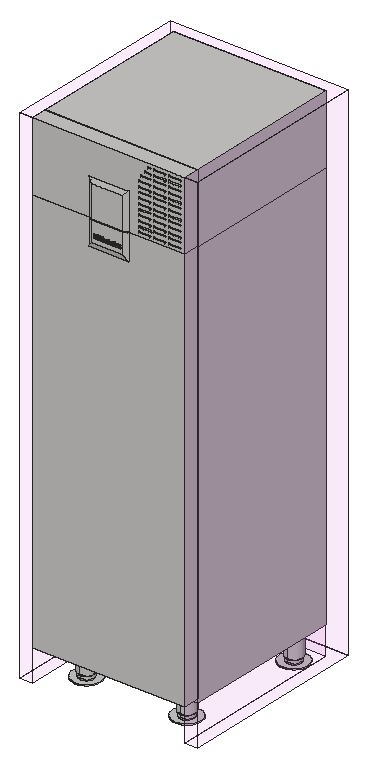
Revit family "QF_ELECTROLUXPROFESSIONAL_691389_PS04F1F6M", category Attrezzature speciali, Revit 2021
Family settings
  Quota connettore circolare = Usa diametro
  Tipo di parte = Normale
  Basato su piano di lavoro = No
  Sempre verticale = Sì
  Taglio con vuoti quando caricato = No
  Condiviso = No
  Punto di calcolo locali = No
Parameters (values of type "Standard")
  Weight = 229.281 lbm
  Watts = 560 W
  Volts = 220 V
  URL Manufacturer = "https://www.electroluxprofessional.com/"
  URL = "https://www.electroluxprofessional.com/"
  Steam Supply Size = 0"
  Steam Supply Minimum Pressure = 0.00 psi
  Steam Supply Maximum Pressure = 0.00 psi
  Steam Consumption per Hour = 0
  Show Clearance [instance] = yes
  Refrigeration Suction Line Size = 0 mm
  Refrigeration Liquid Line Size = 0 mm
  Refrigerant Compressor Remote = yes
  Prospetto di default = 0 mm
  Phase = 1
  Modello = "PS04F1F6M"
  Produttore = "Electrolux Professional"
  Length Actual = 600 mm  # constant formula
  Item Number = "691389"
  Hot Water Size = 0"
  Height Actual = 2040 mm  # constant formula
  HP = "0.8 HP"
  Gas Size = 0"
  Gas KW = 0
  Gas Input Pressure = 0.0 Btu/h
  Direct Waste Size = 0"
  Descrizione = "1-DOOR FREEZER 470L, -15/-22°, PROSTORE - R290 - MARINE 60HZ"
  Depth Actual = 700 mm  # constant formula
  Cycle = 60 Hz
  Condensate Return Size = 0"
  Compressed Air Volume = 0 GPM
  Compressed Air Size = 0"
  Compressed Air Pressure = 0.00 psi
  Cold Water Size = 0"
  Accessory = yes
Reference planes
  plane 1 "BACK": y = 0
  plane 2: z = 0
  plane 3 "LEFT": x = 0
  plane 4 "RIGHT": x = 600
  plane 5 "FRONT": y = -700
  plane 6 "TOP": z = 2040
  plane 7 "Center Y": x = 300
  plane 8 "Center X": y = -350
  plane 9: x = 102
  plane 10: x = 498
  plane 11: z = 115
  plane 12: z = 86
  plane 13: y = -80
  plane 14: y = -694
  plane 15: y = -1227
  plane 16: y = -630
  plane 17: z = 1770
  plane 18: x = -50
  plane 19: y = 50
  plane 20: x = 650
  plane 21: z = 1995
Forms (mm)
  Extrusion 1, solid, material "QF_Metal - Stainless - Polished"
    sketch origin (0, 0, 0) x (1, 0, 0) y (0, 0, 1)
      loop
        line (0, 1995) -> (0, 1724.003) -> (600, 1724.003) -> (600, 1995) -> (0, 1995)
    from 0 to 630
  Extrusion 2, solid, material "QF_Metal - Stainless - Polished"
    sketch origin (0, 0, 0) x (1, 0, 0) y (0, 0, 1)
      loop
        line (0, 1724.003) -> (0, 115) -> (600, 115) -> (600, 1724.003) -> (0, 1724.003)
    from 0 to 630
  Extrusion 3, solid, material "QF_Metal - Stainless - Polished"
    sketch origin (-370, 0, -128) x (1, 0, 0) y (0, 0, 1)
      loop
        circle (450, 1847.083) r 20
    from -7.507 to 0
  Extrusion 4, solid, material "QF_Metal - Stainless - Polished"
    sketch origin (0, 130.478, -45) x (1, 0, 0) y (0, 0, 1)
      loop
        line (0, 2040) -> (0, 1770) -> (600, 1770) -> (600, 2040) -> (0, 2040)
    from 760.478 to 824.478
  Extrusion 5, solid, material "QF_Metal - Stainless - Polished"
    sketch origin (0, 140, 0) x (1, 0, 0) y (0, 0, 1)
      loop
        line (0, 1725) -> (0, 127.536) -> (600, 127.536) -> (600, 1725) -> (0, 1725)
    from 834 to 770
  Revolve 6, solid, material "QF_Metal - Stainless - Polished"
    sketch origin (497.59, -2.833, 0) x (0, 1, 0) y (0, 0, -1)
      loop
        line (-590.954, -115) -> (-553.167, -115) -> (-553.167, 0) -> (-578.757, 0)
        arc (-578.757, 0) -> (-580.973, -2.655) -> (-581.767, -6.021) r 7.527
        line (-581.767, -6.021) -> (-581.767, -17.561) -> (-585.28, -21.074) -> (-585.28, -110.008) -> (-590.954, -110.008) -> (-590.954, -115)
      axis (-553.167, 0) -> (-553.167, -115)
    angle from 0 to 360
  Revolve 7, solid, material "QF_Metal - Stainless - Polished"
    sketch origin (102, -2.833, 0) x (0, 1, 0) y (0, 0, 1)
      loop
        line (-590.954, 115) -> (-590.954, 110.008) -> (-585.28, 110.008) -> (-585.28, 21.074) -> (-581.767, 17.561) -> (-581.767, 6.021)
        arc (-581.767, 6.021) -> (-580.973, 2.655) -> (-578.757, 0) r 7.527
        line (-578.757, 0) -> (-553.167, 0) -> (-553.167, 115) -> (-590.954, 115)
      axis (-553.167, 0) -> (-553.167, 115)
    angle from 0 to 360
  Revolve 8, solid, material "QF_Metal - Stainless - Polished"
    sketch origin (538, -759.167, 0) x (0, -1, 0) y (0, 0, 1)
      loop
        line (-716.954, 115) -> (-716.954, 110.008) -> (-711.28, 110.008) -> (-711.28, 21.074) -> (-707.767, 17.561) -> (-707.767, 6.021)
        arc (-707.767, 6.021) -> (-706.973, 2.655) -> (-704.757, 0) r 7.527
        line (-704.757, 0) -> (-679.167, 0) -> (-679.167, 115) -> (-716.954, 115)
      axis (-679.167, 0) -> (-679.167, 115)
    angle from 0 to 360
  Revolve 9, solid, material "QF_Metal - Stainless - Polished"
    sketch origin (62, -759.167, 0) x (0, -1, 0) y (0, 0, 1)
      loop
        line (-716.954, 115) -> (-716.954, 110.008) -> (-711.28, 110.008) -> (-711.28, 21.074) -> (-707.767, 17.561) -> (-707.767, 6.021)
        arc (-707.767, 6.021) -> (-706.973, 2.655) -> (-704.757, 0) r 7.527
        line (-704.757, 0) -> (-679.167, 0) -> (-679.167, 115) -> (-716.954, 115)
      axis (-679.167, 0) -> (-679.167, 115)
    angle from 0 to 360
  Blend 10, solid, material "QF_Metal - Stainless - Polished"
    base sketch origin (-150, -694, 0) x (1, 0, 0) y (0, 0, 1)
      loop
        line (370, 1869.822) -> (370, 1619.822) -> (530, 1619.822) -> (530, 1869.822) -> (370, 1869.822)
    top sketch origin (-150, -694, 0) x (1, 0, 0) y (0, 0, 1)
      loop
        line (510, 1849.822) -> (390, 1849.822) -> (390, 1639.822) -> (510, 1639.822) -> (510, 1849.822)
    from 0 to 6
  Extrusion 11, void
    sketch origin (-150, -700, 0) x (-1, 0, 0) y (0, 0, 1)
      loop
        line (-370, 1725.997) -> (-530, 1725.997) -> (-530, 1724.003) -> (-370, 1724.003) -> (-370, 1725.997)
    from 0 to 6
  Extrusion 12, solid, material "QF_Door-Drawer Clearances"
    sketch origin (0, 0, 0) x (1, 0, 0) y (0, 1, 0)
      loop
        line (0, -694) -> (0, 0) -> (600, 0) -> (600, -694) -> (650, -694) -> (650, 50) -> (-50, 50) -> (-50, -694) -> (0, -694)
    from 0 to 1995
  Extrusion 13, solid, material "QF_Metal - Stainless - Polished"
    sketch origin (497.59, -556, 0) x (0, -1, 0) y (-1, 0, 0)
      loop
        circle (0, 0) r 55.59
    from 0 to -1.917
  Extrusion 14, solid, material "QF_Metal - Stainless - Polished"
    sketch origin (102, -556, 0) x (0, -1, 0) y (-1, 0, 0)
      loop
        circle (0, 0) r 55.59
    from 0 to -1.917
  Extrusion 15, solid, material "QF_Metal - Stainless - Polished"
    sketch origin (62, -80, 0) x (0, -1, 0) y (-1, 0, 0)
      loop
        circle (0, 0) r 55.59
    from 0 to -1.917
  Extrusion 16, solid, material "QF_Metal - Stainless - Polished"
    sketch origin (538, -80, 0) x (0, -1, 0) y (-1, 0, 0)
      loop
        circle (0, 0) r 55.59
    from 0 to -1.917
  Extrusion 17, void
    sketch origin (0, -694, -45) x (-1, 0, 0) y (0, 0, 1)
      loop
        line (-537.804, 1788.817) -> (-587.804, 1788.817) -> (-587.804, 1780.817) -> (-537.804, 1780.817) -> (-537.804, 1788.817)
      loop
        line (-477.804, 1788.817) -> (-527.804, 1788.817) -> (-527.804, 1780.817) -> (-477.804, 1780.817) -> (-477.804, 1788.817)
      loop
        line (-417.804, 1788.817) -> (-467.804, 1788.817) -> (-467.804, 1780.817) -> (-417.804, 1780.817) -> (-417.804, 1788.817)
    from 0 to 2
  Extrusion 18, void
    sketch origin (0, -694, 195) x (-1, 0, 0) y (0, 0, 1)
      loop
        line (-537.804, 1788.817) -> (-587.804, 1788.817) -> (-587.804, 1780.817) -> (-537.804, 1780.817) -> (-537.804, 1788.817)
      loop
        line (-477.804, 1788.817) -> (-527.804, 1788.817) -> (-527.804, 1780.817) -> (-477.804, 1780.817) -> (-477.804, 1788.817)
      loop
        line (-453.929, 1788.817) -> (-467.804, 1788.817) -> (-467.804, 1780.817) -> (-453.929, 1780.817) -> (-453.929, 1788.817)
    from 0 to 2
  Extrusion 19, void
    sketch origin (0, -694, -25) x (-1, 0, 0) y (0, 0, 1)
      loop
        line (-537.804, 1788.817) -> (-587.804, 1788.817) -> (-587.804, 1780.817) -> (-537.804, 1780.817) -> (-537.804, 1788.817)
      loop
        line (-477.804, 1788.817) -> (-527.804, 1788.817) -> (-527.804, 1780.817) -> (-477.804, 1780.817) -> (-477.804, 1788.817)
      loop
        line (-417.804, 1788.817) -> (-467.804, 1788.817) -> (-467.804, 1780.817) -> (-417.804, 1780.817) -> (-417.804, 1788.817)
    from 0 to 2
  Extrusion 20, void
    sketch origin (0, -694, -5) x (-1, 0, 0) y (0, 0, 1)
      loop
        line (-537.804, 1788.817) -> (-587.804, 1788.817) -> (-587.804, 1780.817) -> (-537.804, 1780.817) -> (-537.804, 1788.817)
      loop
        line (-477.804, 1788.817) -> (-527.804, 1788.817) -> (-527.804, 1780.817) -> (-477.804, 1780.817) -> (-477.804, 1788.817)
      loop
        line (-417.804, 1788.817) -> (-467.804, 1788.817) -> (-467.804, 1780.817) -> (-417.804, 1780.817) -> (-417.804, 1788.817)
    from 0 to 2
  Extrusion 21, void
    sketch origin (0, -694, 15) x (-1, 0, 0) y (0, 0, 1)
      loop
        line (-537.804, 1788.817) -> (-587.804, 1788.817) -> (-587.804, 1780.817) -> (-537.804, 1780.817) -> (-537.804, 1788.817)
      loop
        line (-477.804, 1788.817) -> (-527.804, 1788.817) -> (-527.804, 1780.817) -> (-477.804, 1780.817) -> (-477.804, 1788.817)
      loop
        line (-417.804, 1788.817) -> (-467.804, 1788.817) -> (-467.804, 1780.817) -> (-417.804, 1780.817) -> (-417.804, 1788.817)
    from 0 to 2
  Extrusion 22, void
    sketch origin (0, -694, 35) x (-1, 0, 0) y (0, 0, 1)
      loop
        line (-537.804, 1788.817) -> (-587.804, 1788.817) -> (-587.804, 1780.817) -> (-537.804, 1780.817) -> (-537.804, 1788.817)
      loop
        line (-477.804, 1788.817) -> (-527.804, 1788.817) -> (-527.804, 1780.817) -> (-477.804, 1780.817) -> (-477.804, 1788.817)
      loop
        line (-417.804, 1788.817) -> (-467.804, 1788.817) -> (-467.804, 1780.817) -> (-417.804, 1780.817) -> (-417.804, 1788.817)
    from 0 to 2
  Extrusion 23, void
    sketch origin (0, -694, 55) x (-1, 0, 0) y (0, 0, 1)
      loop
        line (-537.804, 1788.817) -> (-587.804, 1788.817) -> (-587.804, 1780.817) -> (-537.804, 1780.817) -> (-537.804, 1788.817)
      loop
        line (-477.804, 1788.817) -> (-527.804, 1788.817) -> (-527.804, 1780.817) -> (-477.804, 1780.817) -> (-477.804, 1788.817)
      loop
        line (-417.804, 1788.817) -> (-467.804, 1788.817) -> (-467.804, 1780.817) -> (-417.804, 1780.817) -> (-417.804, 1788.817)
    from 0 to 2
  Extrusion 24, void
    sketch origin (0, -694, 75) x (-1, 0, 0) y (0, 0, 1)
      loop
        line (-537.804, 1788.817) -> (-587.804, 1788.817) -> (-587.804, 1780.817) -> (-537.804, 1780.817) -> (-537.804, 1788.817)
      loop
        line (-477.804, 1788.817) -> (-527.804, 1788.817) -> (-527.804, 1780.817) -> (-477.804, 1780.817) -> (-477.804, 1788.817)
      loop
        line (-417.804, 1788.817) -> (-467.804, 1788.817) -> (-467.804, 1780.817) -> (-417.804, 1780.817) -> (-417.804, 1788.817)
    from 0 to 2
  Extrusion 25, void
    sketch origin (0, -694, 95) x (-1, 0, 0) y (0, 0, 1)
      loop
        line (-537.804, 1788.817) -> (-587.804, 1788.817) -> (-587.804, 1780.817) -> (-537.804, 1780.817) -> (-537.804, 1788.817)
      loop
        line (-477.804, 1788.817) -> (-527.804, 1788.817) -> (-527.804, 1780.817) -> (-477.804, 1780.817) -> (-477.804, 1788.817)
      loop
        line (-417.804, 1788.817) -> (-467.804, 1788.817) -> (-467.804, 1780.817) -> (-417.804, 1780.817) -> (-417.804, 1788.817)
    from 0 to 2
  Extrusion 26, void
    sketch origin (0, -694, 115) x (-1, 0, 0) y (0, 0, 1)
      loop
        line (-537.804, 1788.817) -> (-587.804, 1788.817) -> (-587.804, 1780.817) -> (-537.804, 1780.817) -> (-537.804, 1788.817)
      loop
        line (-477.804, 1788.817) -> (-527.804, 1788.817) -> (-527.804, 1780.817) -> (-477.804, 1780.817) -> (-477.804, 1788.817)
      loop
        line (-417.804, 1788.817) -> (-467.804, 1788.817) -> (-467.804, 1780.817) -> (-417.804, 1780.817) -> (-417.804, 1788.817)
    from 0 to 2
  Extrusion 27, void
    sketch origin (0, -694, 135) x (-1, 0, 0) y (0, 0, 1)
      loop
        line (-537.804, 1788.817) -> (-587.804, 1788.817) -> (-587.804, 1780.817) -> (-537.804, 1780.817) -> (-537.804, 1788.817)
      loop
        line (-477.804, 1788.817) -> (-527.804, 1788.817) -> (-527.804, 1780.817) -> (-477.804, 1780.817) -> (-477.804, 1788.817)
      loop
        line (-417.804, 1788.817) -> (-467.804, 1788.817) -> (-467.804, 1780.817) -> (-417.804, 1780.817) -> (-417.804, 1788.817)
    from 0 to 2
  Extrusion 28, void
    sketch origin (0, -694, 155) x (-1, 0, 0) y (0, 0, 1)
      loop
        line (-537.804, 1788.817) -> (-587.804, 1788.817) -> (-587.804, 1780.817) -> (-537.804, 1780.817) -> (-537.804, 1788.817)
      loop
        line (-477.804, 1788.817) -> (-527.804, 1788.817) -> (-527.804, 1780.817) -> (-477.804, 1780.817) -> (-477.804, 1788.817)
      loop
        line (-426.702, 1788.817) -> (-467.804, 1788.817) -> (-467.804, 1780.817) -> (-426.702, 1780.817) -> (-426.702, 1788.817)
    from 0 to 2
  Extrusion 29, void
    sketch origin (0, -694, 175) x (-1, 0, 0) y (0, 0, 1)
      loop
        line (-537.804, 1788.817) -> (-587.804, 1788.817) -> (-587.804, 1780.817) -> (-537.804, 1780.817) -> (-537.804, 1788.817)
      loop
        line (-477.804, 1788.817) -> (-527.804, 1788.817) -> (-527.804, 1780.817) -> (-477.804, 1780.817) -> (-477.804, 1788.817)
      loop
        line (-441.24, 1788.817) -> (-467.804, 1788.817) -> (-467.804, 1780.817) -> (-441.24, 1780.817) -> (-441.24, 1788.817)
    from 0 to 2
  Extrusion 30, solid, material "QF_Door-Drawer Clearances", visible <- "Show Clearance", detail levels coarse
    sketch origin (0, 0, 0) x (1, 0, 0) y (0, 1, 0)
      loop
        line (600, -694) -> (0, -694)
        arc (0, -694) -> (187.42, -1087.232) -> (600, -1227) r 559.707
        line (600, -1227) -> (600, -694)
    from 127.536 to 1725
Cuts and joins
  Extrusion 11, Extrusion 17 cuts Extrusion 1
  Extrusion 11 cuts Extrusion 2
  Extrusion 11, Extrusion 17, Extrusion 18, Extrusion 19, Extrusion 20, Extrusion 21, Extrusion 22, Extrusion 23, Extrusion 24, Extrusion 25, Extrusion 26, Extrusion 27, Extrusion 28, Extrusion 29 cuts Extrusion 4
  Extrusion 11 cuts Extrusion 5
  Extrusion 11 cuts Blend 10
  joined: Revolve 6, Extrusion 13
Lines and regions (mm)
  Split face 1
    outline origin (-150, -700, 0) x (1, 0, 0) y (0, 0, 1)
      loop
        line (415, 1849.822) -> (415, 1697.499) -> (485, 1697.499) -> (485, 1849.822)
  symbolic lines
    curve 1: line (0, 0, 0) -> (600, 0, 0)
    curve 2: line (0, -694, 0) -> (0, 0, 0)
    curve 3: line (600, -694, 0) -> (0, -694, 0)
    curve 4: line (600, 0, 0) -> (600, -694, 0)
    curve 5: line (0, -630, 0) -> (600, -630, 0)
    curve 6: line (220, -694, 0) -> (240, -700, 0)
    curve 7: line (240, -700, 0) -> (360, -700, 0)
    curve 8: line (360, -700, 0) -> (380, -694, 0)
  symbolic lines, style "QF_Door-Drawer Clearances"
    curve 9: line (0, -694, 0) -> (-50, -694, 0)
    curve 10: line (-50, -694, 0) -> (-50, 50, 0)
    curve 11: line (-50, 50, 0) -> (650, 50, 0)
    curve 12: line (650, 50, 0) -> (650, -694, 0)
    curve 13: line (650, -694, 0) -> (600, -694, 0)
    curve 14: arc (0, -694, 0) -> (187.42, -1087.232, 0) -> (600, -1227, 0) r 559.707
    curve 15: line (600, -1227, 0) -> (600, -694, 0)
Dimensions and locks
  equal spacing: plane 3 "LEFT", plane 7 "Center Y", plane 4 "RIGHT"
  plane 3 "LEFT" to plane 4 "RIGHT" = 600 mm
  equal spacing: plane 5 "FRONT", plane 8 "Center X", plane 1 "BACK"
  plane 5 "FRONT" to plane 1 "BACK" = 700 mm
  plane 6 "TOP" to level = 2040 mm
  plane 9 to plane 3 "LEFT" = 102 mm
  plane 10 to plane 4 "RIGHT" = 102 mm
  plane 11 to level = 115 mm
  plane 12 to plane 11 = 29 mm
  plane 1 "BACK" to plane 13 = 80 mm
  plane 15 to plane 1 "BACK" = 1227 mm
  plane 11 to plane 2 = 115 mm
  plane 1 "BACK" to plane 16 = 630 mm
  plane 18 to plane 3 "LEFT" = 50 mm
  plane 4 "RIGHT" to plane 20 = 50 mm
  plane 1 "BACK" to plane 19 = 50 mm
  plane 21 to level = 1995 mm
  aligned and locked: level to plane 2
  aligned and locked: Extrusion 4 to plane 4 "RIGHT"
  aligned and locked: Extrusion 4 to plane 3 "LEFT"
  aligned and locked: plane 5 "FRONT" to Blend 10
Automatic sketch dimensions
  Extrusion 3 sketch curve to plane 9 = 22 mm
  Extrusion 3 sketch curve to plane 17 = 50.917 mm
  plane 11 to Revolve 6 sketch curve = 0 mm
  Revolve 6 sketch curve to level = 0 mm
  plane 16 to Revolve 6 sketch curve = 36.213 mm
  Revolve 6 sketch curve to Revolve 6 sketch curve = 5.674 mm
  Revolve 6 sketch curve to Revolve 6 sketch curve = 3.513 mm  (x2)
  Revolve 6 sketch curve to Revolve 6 sketch curve = 3.01 mm
  level to Revolve 6 sketch curve = 6.021 mm
  Revolve 6 sketch curve to Revolve 6 sketch curve = 21.073 mm
  Revolve 6 sketch curve to plane 11 = 4.992 mm  (x2)
  Revolve 6 sketch curve to Revolve 6 sketch curve = 15.053 mm
  Revolve 6 sketch curve to Revolve 6 sketch curve = 0 mm
  Revolve 6 sketch curve to Revolve 6 sketch curve = 20.008 mm
  Revolve 7 sketch curve to plane 11 = 0 mm
  Revolve 7 sketch curve to level = 0 mm
  plane 16 to Revolve 7 sketch curve = 36.213 mm
  Revolve 7 sketch curve to Revolve 7 sketch curve = 5.674 mm
  Revolve 7 sketch curve to Revolve 7 sketch curve = 3.513 mm  (x2)
  Revolve 7 sketch curve to Revolve 7 sketch curve = 3.01 mm
  level to Revolve 7 sketch curve = 6.021 mm
  Revolve 7 sketch curve to Revolve 7 sketch curve = 21.073 mm
  Revolve 7 sketch curve to Revolve 7 sketch curve = 11.54 mm
  Revolve 7 sketch curve to plane 11 = 4.992 mm
  Revolve 7 sketch curve to Revolve 7 sketch curve = 0 mm
  Revolve 7 sketch curve to Revolve 7 sketch curve = 4.992 mm
  plane 11 to Revolve 7 sketch curve = 20.008 mm
  Revolve 8 sketch curve to plane 11 = 0 mm
  Revolve 8 sketch curve to level = 0 mm
  Revolve 8 sketch curve to plane 13 = 0 mm  (x2)
  level to Revolve 8 sketch curve = 6.021 mm
  Revolve 8 sketch curve to plane 13 = 21.073 mm
  Revolve 8 sketch curve to Revolve 8 sketch curve = 4.517 mm
  Revolve 8 sketch curve to Revolve 8 sketch curve = 3.513 mm  (x2)
  Revolve 8 sketch curve to Revolve 8 sketch curve = 5.674 mm
  Revolve 8 sketch curve to Revolve 8 sketch curve = 11.54 mm
  Revolve 8 sketch curve to plane 11 = 4.992 mm  (x2)
  Revolve 8 sketch curve to Revolve 8 sketch curve = 20.008 mm
  Revolve 9 sketch curve to plane 11 = 0 mm
  Revolve 9 sketch curve to level = 0 mm
  Revolve 9 sketch curve to plane 13 = 0 mm  (x2)
  Revolve 9 sketch curve to level = 6.021 mm
  plane 13 to Revolve 9 sketch curve = 21.073 mm
  Revolve 9 sketch curve to Revolve 9 sketch curve = 4.517 mm
  Revolve 9 sketch curve to Revolve 9 sketch curve = 3.513 mm  (x2)
  Revolve 9 sketch curve to Revolve 9 sketch curve = 5.674 mm
  Revolve 9 sketch curve to Revolve 9 sketch curve = 11.54 mm
  plane 11 to Revolve 9 sketch curve = 4.992 mm  (x2)
  Revolve 9 sketch curve to Revolve 9 sketch curve = 20.008 mm
  Extrusion 14 sketch curve to Extrusion 14 sketch curve = 0 mm  (x2)
  Extrusion 14 sketch curve to Revolve 6 = 395.59 mm
  Extrusion 14 sketch curve to Extrusion 14 sketch curve = 55.59 mm
  Extrusion 15 sketch curve to Extrusion 15 sketch curve = 0 mm  (x2)
  Extrusion 15 sketch curve to Revolve 6 = 435.59 mm
  Extrusion 15 sketch curve to Extrusion 15 sketch curve = 55.59 mm
  Extrusion 16 sketch curve to Extrusion 16 sketch curve = 0 mm  (x2)
  Revolve 6 to Extrusion 16 sketch curve = 40.41 mm
  Extrusion 16 sketch curve to Extrusion 16 sketch curve = 55.59 mm
  plane 14 to curve 10 = 0 mm
  curve 10 to plane 18 = 0 mm
  plane 5 "FRONT" to curve 7 = 0 mm
  plane 1 "BACK" to curve 1 = 0 mm
  curve 1 to plane 4 "RIGHT" = 0 mm
  curve 12 to plane 19 = 0 mm
  curve 12 to plane 20 = 0 mm
  curve 15 to plane 15 = 0 mm
  curve 5 to plane 16 = 0 mm
  curve 7 to plane 7 "Center Y" = 60 mm
  plane 7 "Center Y" to curve 7 = 60 mm
  curve 14 to plane 14 = 25.214 mm
  curve 6 to curve 6 = 20 mm
  curve 7 to curve 8 = 20 mm
  Extrusion 1 sketch curve to plane 3 "LEFT" = 0 mm
  plane 4 "RIGHT" to Extrusion 1 sketch curve = 0 mm
  Extrusion 1 sketch curve to plane 21 = 0 mm
  Extrusion 1 sketch curve to plane 17 = 45.997 mm
  Extrusion 2 sketch curve to plane 3 "LEFT" = 0 mm
  plane 4 "RIGHT" to Extrusion 2 sketch curve = 0 mm
  Extrusion 2 sketch curve to plane 11 = 0 mm
  Extrusion 2 sketch curve to plane 17 = 45.997 mm
  Extrusion 4 sketch curve to plane 3 "LEFT" = 0 mm
  plane 4 "RIGHT" to Extrusion 4 sketch curve = 0 mm
  Extrusion 4 sketch curve to plane 21 = 0 mm
  Extrusion 4 sketch curve to plane 17 = 45 mm
  Extrusion 5 sketch curve to plane 3 "LEFT" = 0 mm
  plane 4 "RIGHT" to Extrusion 5 sketch curve = 0 mm
  plane 11 to Extrusion 5 sketch curve = 12.536 mm
  Extrusion 5 sketch curve to plane 17 = 45 mm
  Blend 10 sketch curve to Extrusion 5 = 105.178 mm
  Blend 10 sketch curve to Extrusion 5 = 220 mm
  Blend 10 sketch curve to Blend 10 sketch curve = 160 mm
  Extrusion 5 to Blend 10 sketch curve = 144.822 mm
  Blend 10 sketch curve to Extrusion 5 = 240 mm
  Blend 10 sketch curve to Blend 10 sketch curve = 120 mm
  Blend 10 sketch curve to Extrusion 5 = 85.178 mm
  Extrusion 5 to Blend 10 sketch curve = 124.822 mm
  Split face 1 sketch curve to Blend 10 = 0 mm  (x2)
  Split face 1 sketch curve to Blend 10 = 25 mm  (x2)
  Split face 1 sketch curve to Blend 10 = 57.677 mm
  Extrusion 11 sketch curve to Blend 10 = 20 mm  (x2)
  Blend 10 to Extrusion 11 sketch curve = 84.181 mm
  Extrusion 11 sketch curve to Extrusion 11 sketch curve = 1.995 mm
  plane 14 to Extrusion 12 sketch curve = 0 mm  (x2)
  Extrusion 12 sketch curve to plane 18 = 0 mm
  Extrusion 12 sketch curve to plane 3 "LEFT" = 0 mm
  Extrusion 12 sketch curve to plane 4 "RIGHT" = 0 mm
  Extrusion 12 sketch curve to plane 19 = 0 mm
  Extrusion 12 sketch curve to plane 20 = 0 mm
  plane 1 "BACK" to Extrusion 12 sketch curve = 0 mm
  Extrusion 4 to Extrusion 17 sketch curve = 12.196 mm
  Extrusion 4 to Extrusion 17 sketch curve = 10.817 mm  (x3)
  Extrusion 17 sketch curve to Extrusion 17 sketch curve = 50 mm  (x3)
  Extrusion 17 sketch curve to Extrusion 17 sketch curve = 10 mm  (x2)
  Extrusion 17 sketch curve to Extrusion 17 sketch curve = 8 mm  (x3)
  Extrusion 4 to Extrusion 18 sketch curve = 12.196 mm
  Extrusion 4 to Extrusion 18 sketch curve = 19.183 mm  (x3)
  Extrusion 18 sketch curve to Extrusion 18 sketch curve = 50 mm  (x2)
  Extrusion 18 sketch curve to Extrusion 18 sketch curve = 10 mm  (x2)
  Extrusion 18 sketch curve to Extrusion 18 sketch curve = 13.876 mm
  Extrusion 18 sketch curve to Extrusion 18 sketch curve = 8 mm  (x3)
  Extrusion 4 to Extrusion 19 sketch curve = 12.196 mm
  Extrusion 19 sketch curve to Extrusion 19 sketch curve = 50 mm  (x3)
  Extrusion 19 sketch curve to Extrusion 19 sketch curve = 10 mm  (x2)
  Extrusion 4 to Extrusion 19 sketch curve = 30.817 mm  (x2)
  Extrusion 19 sketch curve to Extrusion 19 sketch curve = 0 mm
  Extrusion 19 sketch curve to Extrusion 19 sketch curve = 8 mm  (x3)
  Extrusion 4 to Extrusion 20 sketch curve = 12.196 mm
  Extrusion 20 sketch curve to Extrusion 20 sketch curve = 50 mm  (x3)
  Extrusion 20 sketch curve to Extrusion 20 sketch curve = 10 mm  (x2)
  Extrusion 4 to Extrusion 20 sketch curve = 50.817 mm  (x2)
  Extrusion 20 sketch curve to Extrusion 20 sketch curve = 0 mm
  Extrusion 20 sketch curve to Extrusion 20 sketch curve = 8 mm  (x3)
  Extrusion 4 to Extrusion 21 sketch curve = 12.196 mm
  Extrusion 21 sketch curve to Extrusion 21 sketch curve = 50 mm  (x3)
  Extrusion 21 sketch curve to Extrusion 21 sketch curve = 10 mm  (x2)
  Extrusion 4 to Extrusion 21 sketch curve = 70.817 mm
  Extrusion 21 sketch curve to Extrusion 21 sketch curve = 0 mm  (x2)
  Extrusion 21 sketch curve to Extrusion 21 sketch curve = 8 mm  (x3)
  Extrusion 4 to Extrusion 22 sketch curve = 12.196 mm
  Extrusion 22 sketch curve to Extrusion 22 sketch curve = 50 mm  (x3)
  Extrusion 22 sketch curve to Extrusion 22 sketch curve = 10 mm  (x2)
  Extrusion 4 to Extrusion 22 sketch curve = 90.817 mm
  Extrusion 22 sketch curve to Extrusion 22 sketch curve = 0 mm  (x2)
  Extrusion 22 sketch curve to Extrusion 22 sketch curve = 8 mm  (x3)
  Extrusion 4 to Extrusion 23 sketch curve = 12.196 mm
  Extrusion 23 sketch curve to Extrusion 23 sketch curve = 50 mm  (x3)
  Extrusion 23 sketch curve to Extrusion 23 sketch curve = 10 mm  (x2)
  Extrusion 4 to Extrusion 23 sketch curve = 110.817 mm
  Extrusion 23 sketch curve to Extrusion 23 sketch curve = 0 mm  (x2)
  Extrusion 23 sketch curve to Extrusion 23 sketch curve = 8 mm  (x3)
  Extrusion 4 to Extrusion 24 sketch curve = 12.196 mm
  Extrusion 24 sketch curve to Extrusion 24 sketch curve = 50 mm  (x3)
  Extrusion 24 sketch curve to Extrusion 24 sketch curve = 10 mm  (x2)
  Extrusion 4 to Extrusion 24 sketch curve = 130.817 mm
  Extrusion 24 sketch curve to Extrusion 24 sketch curve = 0 mm  (x2)
  Extrusion 24 sketch curve to Extrusion 24 sketch curve = 8 mm  (x3)
  Extrusion 4 to Extrusion 25 sketch curve = 12.196 mm
  Extrusion 25 sketch curve to Extrusion 25 sketch curve = 50 mm  (x3)
  Extrusion 25 sketch curve to Extrusion 25 sketch curve = 10 mm  (x2)
  Extrusion 4 to Extrusion 25 sketch curve = 119.183 mm
  Extrusion 25 sketch curve to Extrusion 25 sketch curve = 0 mm  (x2)
  Extrusion 25 sketch curve to Extrusion 25 sketch curve = 8 mm  (x3)
  Extrusion 4 to Extrusion 26 sketch curve = 12.196 mm
  Extrusion 26 sketch curve to Extrusion 26 sketch curve = 50 mm  (x3)
  Extrusion 26 sketch curve to Extrusion 26 sketch curve = 10 mm  (x2)
  Extrusion 4 to Extrusion 26 sketch curve = 99.183 mm
  Extrusion 26 sketch curve to Extrusion 26 sketch curve = 0 mm  (x2)
  Extrusion 26 sketch curve to Extrusion 26 sketch curve = 8 mm  (x3)
  Extrusion 4 to Extrusion 27 sketch curve = 12.196 mm
  Extrusion 27 sketch curve to Extrusion 27 sketch curve = 50 mm  (x3)
  Extrusion 27 sketch curve to Extrusion 27 sketch curve = 10 mm  (x2)
  Extrusion 4 to Extrusion 27 sketch curve = 79.183 mm
  Extrusion 27 sketch curve to Extrusion 27 sketch curve = 0 mm  (x2)
  Extrusion 27 sketch curve to Extrusion 27 sketch curve = 8 mm  (x3)
  Extrusion 4 to Extrusion 28 sketch curve = 12.196 mm
  Extrusion 28 sketch curve to Extrusion 28 sketch curve = 50 mm  (x2)
  Extrusion 28 sketch curve to Extrusion 28 sketch curve = 10 mm  (x2)
  Extrusion 28 sketch curve to Extrusion 28 sketch curve = 41.103 mm
  Extrusion 4 to Extrusion 28 sketch curve = 59.183 mm
  Extrusion 28 sketch curve to Extrusion 28 sketch curve = 0 mm  (x2)
  Extrusion 28 sketch curve to Extrusion 28 sketch curve = 8 mm  (x3)
  Extrusion 4 to Extrusion 29 sketch curve = 12.196 mm
  Extrusion 29 sketch curve to Extrusion 29 sketch curve = 50 mm  (x2)
  Extrusion 29 sketch curve to Extrusion 29 sketch curve = 10 mm  (x2)
  Extrusion 29 sketch curve to Extrusion 29 sketch curve = 26.564 mm
  Extrusion 4 to Extrusion 29 sketch curve = 39.183 mm
  Extrusion 29 sketch curve to Extrusion 29 sketch curve = 0 mm  (x2)
  Extrusion 29 sketch curve to Extrusion 29 sketch curve = 8 mm  (x3)
  Extrusion 30 sketch curve to plane 3 "LEFT" = 0 mm
  Extrusion 30 sketch curve to plane 4 "RIGHT" = 0 mm
  Extrusion 30 sketch curve to plane 15 = 0 mm
  plane 14 to Extrusion 30 sketch curve = 0 mm
  Extrusion 30 sketch curve to plane 14 = 25.214 mm
  curve 3 to plane 3 "LEFT" = 0 mm
  radius of Extrusion 3 sketch curve = 20 mm
  radius of Revolve 6 to Extrusion 13 sketch curve = 30 mm
Nested families
  nested 1: "ELX_Logo_S" at (300.625, -700, 1669.375) x (1, 0, 0) z (0, -1, 0), type "ELX_Logo_S"
Connectors
  electrical at (80, 7.507, 1719.083), driven by "Volts"
    settings: on Extrusion 3, index 2, voltage 220 V, apparent load 0 VA, apparent load phase1 0 VA, apparent load phase2 0 VA, apparent load phase3 0 VA, power factor 1, load classification "Other", number of poles 1, system type 30, power factor state 1, is connector primary yes, connector utility no, sub classification motor no, connector description "Electrical Connection"
Definition of nested family "ELX_Logo_S"
  Parameters (values of type "ELX_Logo_S")
    Default Elevation = 0 mm
  Reference planes
    plane 1 "Centro (Fronte/Retro)": y = 0
    plane 2: z = 0
    plane 3 "Centro (Sinistra/Destra)": x = 0
  Forms (mm)
    Extrusion 1, solid
      sketch origin (0, 0, 0) x (1, 0, 0) y (0, 1, 0)
        loop
          line (-1219.2, 1219.2) -> (-1219.2, -1219.2) -> (1219.2, -1219.2) -> (1219.2, 1219.2) -> (-1219.2, 1219.2)
      from 0 to -304.8
    Extrusion 2, solid
      sketch origin (0, 0, 0) x (1, 0, 0) y (0, 1, 0)
        loop
          line (-43.793, 5.912) -> (-43.793, -6.455)
          arc (-43.793, -6.455) -> (-39.222, -0.272) -> (-43.793, 5.912) r 6.467
        loop
          arc (-44.422, 5.912) -> (-49.565, 4.743) -> (-52.043, 0.087) r 6.338
          line (-52.043, 0.087) -> (-49.997, 0.087)
          arc (-49.997, 0.087) -> (-46.342, 1.57) -> (-44.422, 5.016) r 5.941
          line (-44.422, 5.016) -> (-44.422, 5.912)
        loop
          arc (-44.422, -5.559) -> (-46.342, -2.114) -> (-49.997, -0.63) r 5.941
          line (-49.997, -0.63) -> (-52.043, -0.63)
          arc (-52.043, -0.63) -> (-49.569, -5.324) -> (-44.422, -6.614) r 6.504
          line (-44.422, -6.614) -> (-44.422, -5.559)
        loop
          line (-52.512, 6.586) -> (-52.512, -7.158) -> (-38.749, -7.158) -> (-38.749, 6.586) -> (-52.512, 6.586)
        loop
          arc (-35.782, 6.67) -> (-36.139, 6.322) -> (-35.801, 5.955) r 0.358
          arc (-35.801, 5.955) -> (-35.051, 5.641) -> (-34.666, 4.924) r 1.216
          line (-34.666, 4.924) -> (-34.666, -5.488)
          arc (-34.666, -5.488) -> (-34.944, -6.148) -> (-35.54, -6.544) r 1.238
          arc (-35.54, -6.544) -> (-35.791, -6.939) -> (-35.437, -7.244) r 0.358
          line (-35.437, -7.244) -> (-25.558, -7.244) -> (-25.558, -4.494) -> (-26.455, -4.494)
          arc (-26.455, -4.494) -> (-27.035, -5.403) -> (-28.012, -5.858) r 1.928
          line (-28.012, -5.858) -> (-30.511, -5.858)
          arc (-30.511, -5.858) -> (-31.24, -5.583) -> (-31.604, -4.894) r 1.101
          line (-31.604, -4.894) -> (-31.604, -0.808) -> (-27.931, -0.808)
          arc (-27.931, -0.808) -> (-27.434, -1.16) -> (-27.206, -1.725) r 1.083
          arc (-27.206, -1.725) -> (-26.9, -1.989) -> (-26.622, -1.697) r 0.292
          line (-26.622, -1.697) -> (-26.622, 1.265)
          arc (-26.622, 1.265) -> (-26.895, 1.568) -> (-27.225, 1.329) r 0.305
          arc (-27.225, 1.329) -> (-27.473, 0.839) -> (-27.931, 0.534) r 1.083
          line (-27.931, 0.534) -> (-31.604, 0.534) -> (-31.604, 5.211) -> (-27.857, 5.211)
          arc (-27.857, 5.211) -> (-27.101, 4.997) -> (-26.603, 4.39) r 1.314
          arc (-26.603, 4.39) -> (-26.199, 4.171) -> (-25.907, 4.526) r 0.361
          line (-25.907, 4.526) -> (-25.907, 6.67) -> (-35.782, 6.67)
        loop
          arc (-25.126, 5.953) -> (-24.207, 5.572) -> (-23.827, 4.654) r 1.299
          line (-23.827, 4.654) -> (-23.827, -4.925)
          arc (-23.827, -4.925) -> (-24.205, -5.763) -> (-25.083, -6.035) r 1.118
          line (-25.083, -6.035) -> (-25.083, -7.244) -> (-19.733, -7.244) -> (-19.733, -6.056)
          arc (-19.733, -6.056) -> (-20.65, -5.784) -> (-21.046, -4.914) r 1.153
          line (-21.046, -4.914) -> (-21.046, 7.158) -> (-25.126, 5.953)
        loop
          line (-17.097, -2.28) -> (-10.65, -2.28) -> (-10.65, -1.481)
          arc (-10.65, -1.481) -> (-11.634, 1.1) -> (-14.088, 2.369) r 3.874
          line (-14.088, 2.369) -> (-15.848, 2.369)
          arc (-15.848, 2.369) -> (-18.713, 1.182) -> (-19.899, -1.682) r 4.051
          line (-19.899, -1.682) -> (-19.899, -3.691)
          arc (-19.899, -3.691) -> (-18.414, -6.509) -> (-15.407, -7.561) r 4.352
          arc (-15.407, -7.561) -> (-12.944, -7.196) -> (-10.87, -5.819) r 5.713
          line (-10.87, -5.819) -> (-10.87, -4.87)
          arc (-10.87, -4.87) -> (-12.439, -5.603) -> (-14.157, -5.819) r 5.579
          arc (-14.157, -5.819) -> (-16.12, -5.025) -> (-17.097, -3.146) r 3.057
          line (-17.097, -3.146) -> (-17.097, -2.28)
        loop
          line (-17.097, -1.02) -> (-13.515, -1.02)
          arc (-13.515, -1.02) -> (-13.468, 0.436) -> (-14.627, 1.319) r 1.59
          line (-14.627, 1.319) -> (-15.457, 1.319)
          arc (-15.457, 1.319) -> (-16.712, 0.455) -> (-17.097, -1.02) r 2.184
        loop
          arc (-1.232, 1.771) -> (-2.906, 2.259) -> (-4.643, 2.417) r 9.023
          line (-4.643, 2.417) -> (-6.005, 2.417)
          arc (-6.005, 2.417) -> (-8.805, 1.257) -> (-9.965, -1.542) r 3.959
          line (-9.965, -1.542) -> (-9.965, -4.142)
          arc (-9.965, -4.142) -> (-8.672, -6.424) -> (-6.299, -7.541) r 4.331
          line (-6.299, -7.541) -> (-4.164, -7.541)
          arc (-4.164, -7.541) -> (-2.614, -7.033) -> (-1.268, -6.112) r 5.772
          arc (-1.268, -6.112) -> (-1.217, -5.35) -> (-1.976, -5.263) r 0.553
          arc (-1.976, -5.263) -> (-2.71, -5.651) -> (-3.529, -5.785) r 2.573
          line (-3.529, -5.785) -> (-5.044, -5.785)
          arc (-5.044, -5.785) -> (-6.686, -4.779) -> (-7.328, -2.965) r 2.884
          line (-7.328, -2.965) -> (-7.328, -1.686)
          arc (-7.328, -1.686) -> (-6.768, 0.135) -> (-5.103, 1.062) r 2.554
          line (-5.103, 1.062) -> (-4.05, 1.062)
          arc (-4.05, 1.062) -> (-3.122, 0.73) -> (-2.387, 0.073) r 2.564
          arc (-2.387, 0.073) -> (-1.67, -0.148) -> (-1.232, 0.461) r 0.643
          line (-1.232, 0.461) -> (-1.232, 1.771)
        loop
          line (-0.962, 0.752) -> (0.539, 0.752) -> (0.539, -5.296)
          arc (0.539, -5.296) -> (1.197, -6.884) -> (2.785, -7.541) r 2.246
          line (2.785, -7.541) -> (4.369, -7.541)
          arc (4.369, -7.541) -> (5.233, -7.228) -> (6.005, -6.727) r 4.06
          arc (6.005, -6.727) -> (6.138, -5.995) -> (5.437, -5.743) r 0.576
          arc (5.437, -5.743) -> (4.911, -5.849) -> (4.379, -5.785) r 1.69
          arc (4.379, -5.785) -> (3.591, -5.244) -> (3.288, -4.337) r 1.506
          line (3.288, -4.337) -> (3.288, 0.801) -> (5.685, 0.801) -> (6.241, 1.357) -> (6.241, 2.179) -> (3.382, 2.179) -> (3.382, 5.41) -> (-0.962, 0.752)
        loop
          line (7.139, -7.324) -> (12.526, -7.324) -> (12.526, -6.214)
          arc (12.526, -6.214) -> (11.575, -5.82) -> (11.181, -4.869) r 1.345
          line (11.181, -4.869) -> (11.181, -1.253)
          arc (11.181, -1.253) -> (11.773, -0.488) -> (12.695, -0.199) r 1.615
          line (12.695, -0.199) -> (14.251, -0.199) -> (14.936, 2.357) -> (13.553, 2.357) -> (10.994, 0.414) -> (10.994, 2.295) -> (8.288, 2.01)
          arc (8.288, 2.01) -> (7.758, 1.571) -> (7.959, 0.912) r 0.621
          arc (7.959, 0.912) -> (8.301, 0.512) -> (8.484, 0.018) r 1.501
          line (8.484, 0.018) -> (8.484, -4.869)
          arc (8.484, -4.869) -> (8.09, -5.82) -> (7.139, -6.214) r 1.345
          line (7.139, -6.214) -> (7.139, -7.324)
        loop
          line (14.473, -1.222) -> (14.473, -3.914)
          arc (14.473, -3.914) -> (15.781, -6.36) -> (18.311, -7.494) r 4.288
          arc (18.311, -7.494) -> (19.692, -7.557) -> (21.072, -7.494) r 15.022
          arc (21.072, -7.494) -> (23.603, -6.36) -> (24.91, -3.914) r 4.288
          line (24.91, -3.914) -> (24.91, -1.222)
          arc (24.91, -1.222) -> (23.603, 1.223) -> (21.072, 2.357) r 4.288
          arc (21.072, 2.357) -> (19.692, 2.421) -> (18.311, 2.357) r 15.022
          arc (18.311, 2.357) -> (15.781, 1.223) -> (14.473, -1.222) r 4.288
        loop
          line (17.587, -1.017) -> (17.587, -4.119)
          arc (17.587, -4.119) -> (19.744, -6.276) -> (21.901, -4.119) r 2.157
          line (21.901, -4.119) -> (21.901, -1.017)
          arc (21.901, -1.017) -> (19.744, 1.14) -> (17.587, -1.017) r 2.157
        loop
          arc (24.768, 5.964) -> (25.662, 5.593) -> (26.033, 4.699) r 1.264
          line (26.033, 4.699) -> (26.033, -5.165)
          arc (26.033, -5.165) -> (25.636, -6.035) -> (24.72, -6.307) r 1.153
          line (24.72, -6.307) -> (24.72, -7.244) -> (29.828, -7.244) -> (29.828, -6.316)
          arc (29.828, -6.316) -> (29.056, -5.957) -> (28.741, -5.165) r 1.153
          line (28.741, -5.165) -> (28.741, 7.158) -> (24.768, 5.964)
        loop
          arc (29.365, 1.084) -> (30.43, 0.885) -> (30.912, -0.085) r 1.215
          line (30.912, -0.085) -> (30.912, -5.105)
          arc (30.912, -5.105) -> (31.559, -6.719) -> (33.142, -7.44) r 2.338
          line (33.142, -7.44) -> (34.657, -7.44)
          arc (34.657, -7.44) -> (35.661, -7.266) -> (36.547, -6.763) r 2.979
          line (36.547, -6.763) -> (38.344, -7.244) -> (40.032, -7.244) -> (40.032, 2.181) -> (35.829, 1.887) -> (35.829, 1.101)
          arc (35.829, 1.101) -> (36.665, 0.745) -> (37.174, -0.007) r 1.605
          line (37.174, -0.007) -> (37.174, -5.11)
          arc (37.174, -5.11) -> (36.237, -5.531) -> (35.213, -5.603) r 2.94
          arc (35.213, -5.603) -> (34.112, -5.042) -> (33.669, -3.889) r 1.724
          line (33.669, -3.889) -> (33.669, 2.307) -> (29.365, 1.084)
        loop
          line (40.886, 2.112) -> (42.932, 0.44) -> (45.238, -2.734) -> (42.126, -6.191)
          arc (42.126, -6.191) -> (41.732, -6.428) -> (41.273, -6.405) r 0.789
          line (41.273, -6.405) -> (41.273, -7.244) -> (44.818, -7.244) -> (44.818, -6.418)
          arc (44.818, -6.418) -> (44.456, -6.076) -> (44.548, -5.586) r 0.52
          line (44.548, -5.586) -> (46.019, -3.786) -> (47.394, -5.904)
          arc (47.394, -5.904) -> (47.084, -6.305) -> (46.585, -6.392) r 0.7
          line (46.585, -6.392) -> (46.585, -7.244) -> (52.512, -7.244) -> (52.512, -6.358)
          arc (52.512, -6.358) -> (51.853, -6.291) -> (51.322, -5.896) r 1.247
          line (51.322, -5.896) -> (48.041, -1.696) -> (50.094, 0.751) -> (51.836, 2.112) -> (48.112, 2.112) -> (48.535, 0.627) -> (47.258, -0.895) -> (46.068, 0.806) -> (46.844, 2.112) -> (40.886, 2.112)
      from 0 to 1.644
  Dimensions and locks
    aligned and locked: plane 2 to Extrusion 1
    aligned and locked: level to Extrusion 1
